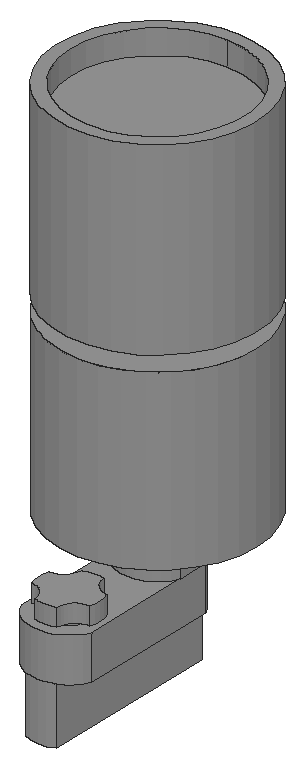
Revit family "Tinka 15W", category Lighting Fixtures, host Face, Revit 2016
Family settings
  Host = Face
  Part Type = Normal
  Round Connector Dimension = Use Diameter
  OmniClass Number = 23.80.70.11.14.21
  OmniClass Title = Spots and Tracklight Specialties
  Cut with Voids When Loaded = No
  Light Source = No
  Shared = No
  Room Calculation Point = No
Parameters (values of type "Tinka 15W, Neutral White, 230V - 53ER997N015E")
  Wattage Comments = "15W"
  Voltage = 230 V
  URL = "www.winled.fi"
  Type Image = Tinka 15W.png
  Product Number = "53ER997N015E"
  Position Number = ""
  Operating Temperature Range = "-20° to +50°C"
  Model = "Tinka 15W"
  Manufacturer = "Winled Oy Ltd"
  Luminaire Track Angle Install [instance] = if(Luminaire Track Angle Input < -160.00°, -160.00°, (if(Luminaire Track Angle Input > 160.00°, 160.00°, Luminaire Track Angle Input)))  # 0.00°
  Luminaire Track Angle Input [instance] = 0.00°
  Luminaire Angle Install [instance] = (if(Luminaire Angle Input < -90.00°, -90.00°, (if(Luminaire Angle Input > 0.00°, 0.00°, Luminaire Angle Input))))  # 0.00°
  Luminaire Angle Input [instance] = 0.00°
  Lumens Output = "1227lm"
  Light source = Tinka light NV : Tinka light NV
  Lifetime L70 = "50000h"
  Last Updated = "2.3.2017"
  Lamp = "LED"
  IP Code = "IP20"
  Housing Material = "Aluminium"
  Driver = "Integrated"
  Directivity = "Yes"
  Dimmable = "Yes"
  Dimensions = "90mm x 238mm"
  Description = "Tracklight, 3-Circuit Track"
  Depth = "-"
  Default Elevation = 1219.2 mm
  Cutout = "-"
  Color Temperature = "4000K"
  Casing Color = "White"
  CRI = "82"
  Beam Angle = "25°"
Types (3, lengths in mm): name | Product Number | Lumens Output | Light source | Color Temperature
  (no name) | "53ER997N015E" | "1227lm" | Tinka light NV : Tinka light NV | "4000K"
  Tinka 15W, Neutral White, 230V - 53ER997N015E | "53ER997N015E" | "1227lm" | Tinka light NV : Tinka light NV | "4000K"
  Tinka 15W, Warm White, 230V - 53ER997L015E | "53ER997L015E" | "1172lm" | Tinka light LV : Tinka light LV | "3000K"
Reference planes
  plane 1 "Center (Front/Back)": y = 0
  plane 2: z = 0
  plane 3 "Center (Left/Right)": x = 0
Lines and regions (mm)
  symbolic lines
    curve 1: circle (0, -0.5, 0) r 45 normal (0, 0, 1)
    curve 2: line (-31.82, -32.32, 0) -> (31.82, 31.32, 0)
    curve 3: line (-31.82, 31.32, 0) -> (31.82, -32.32, 0)
Dimensions and locks
  aligned and locked: plane 2 to host face
  aligned and locked: level to host face
Nested families
  nested 1: "Tinka 15W valaisin" at (0, -25.416, 0), Luminaire Angle <- "Luminaire Angle Install", Luminaire Track Angle <- "Luminaire Track Angle Install", type "Tinka 15W valaisin"
    with k2 45.00°, k 45.00°, Luminaire Track Angle 0.00°, Luminaire Angle 0.00°, Color none
  nested 2: "Tinka light NV" at (-0.002, -0.003, 226.961) x (0, -1, 0) z (0, 0, 1), type <- "Light source", type "Tinka light NV"
Connectors
  electrical at (0, -25.416, 0)
    settings: on nested 1, index 1, voltage 230 V, apparent load 0 VA, apparent load phase1 15 VA, apparent load phase2 0 VA, apparent load phase3 0 VA, power factor 1, load classification "Lighting", number of poles 1, system type 31, power factor state 1, is connector primary yes, connector utility no, sub classification motor no, connector description ""
Definition of nested family "Tinka 15W valaisin"
  Parameters (values of type "Tinka 15W valaisin")
    k2 [instance] = if(Luminaire Angle < -90.00°, -45.00°, (if(Luminaire Angle > 0.00°, 45.00°, Luminaire Angle + 45.00°)))  # 45.00°
    k [instance] = if(Luminaire Track Angle < -160.00°, -115.00°, (if(Luminaire Track Angle > 160.00°, 205.00°, Luminaire Track Angle + 45.00°)))  # 45.00°
    Luminaire Track Angle [instance] = 0.00°
    Luminaire Angle [instance] = 0.00°
    Color [instance] = none
  Reference planes
    plane 1 "Center (Front/Back)": y = 0
    plane 2: z = 0
    plane 3 "Center (Left/Right)": x = 0
    plane 4: z = 157.5
  Forms (mm)
    Extrusion 1, solid, material <- "Color"
      sketch origin (0, 0, 0) x (1, 0, 0) y (0, 1, 0)
        loop
          line (7, -40.992) -> (7, 40.992)
          arc (7, 40.992) -> (0, 42.416) -> (-7, 40.992) r 17.916
          line (-7, 40.992) -> (-7, -40.992)
          arc (-7, -40.992) -> (0, -42.416) -> (7, -40.992) r 17.916
      from 0 to 26
    Extrusion 2, solid, material <- "Color"
      sketch origin (0, 0, 0) x (1, 0, 0) y (0, 1, 0)
        loop
          arc (16, 32.005) -> (0, 42.416) -> (-16, 32.005) r 17.5
          line (-16, 32.005) -> (-16, -32.005)
          arc (-16, -32.005) -> (0, -42.416) -> (16, -32.005) r 17.5
          line (16, -32.005) -> (16, 32.005)
      from 46 to 26
    Extrusion 3, solid, material <- "Color"
      sketch origin (0, 0, 0) x (1, 0, 0) y (0, 1, 0)
        loop
          arc (16, 32.005) -> (0, 42.416) -> (-16, 32.005) r 17.5
          line (-16, 32.005) -> (-16, 17.828)
          arc (-16, 17.828) -> (0, 7.416) -> (16, 17.828) r 17.5
          line (16, 17.828) -> (16, 32.005)
      from 46 to 54
    Extrusion 4, solid, material <- "Color"
      sketch origin (0, 0, 0) x (1, 0, 0) y (0, 1, 0)
        loop
          circle (0, 24.916) r 13
      from 58 to 54
    Extrusion 5, solid, material <- "Color"
      sketch origin (0, 0, 0) x (1, 0, 0) y (0, 1, 0)
        loop
          circle (0, -24.916) r 10
      from 47 to 46
    Extrusion 6, solid, material <- "Color"
      sketch origin (0, 0, 0) x (1, 0, 0) y (0, 1, 0)
        loop
          arc (-13.077, -29.916) -> (-7.366, -32.282) -> (-5, -37.993) r 8.077
          arc (-5, -37.993) -> (0, -38.916) -> (5, -37.993) r 14
          arc (5, -37.993) -> (7.366, -32.282) -> (13.077, -29.916) r 8.077
          arc (13.077, -29.916) -> (14, -24.916) -> (13.077, -19.916) r 14
          arc (13.077, -19.916) -> (7.366, -17.551) -> (5, -11.84) r 8.077
          arc (5, -11.84) -> (0, -10.916) -> (-5, -11.84) r 14
          arc (-5, -11.84) -> (-7.366, -17.551) -> (-13.077, -19.916) r 8.077
          arc (-13.077, -19.916) -> (-14, -24.916) -> (-13.077, -29.916) r 14
      from 55 to 47
    Extrusion 7, solid
      sketch origin (0, 24.916, 0) x (0.707107, 0.707107, 0) y (-0.707107, 0.707107, 0)
        loop
          circle (0, 0) r 17.5
      from 66 to 58
    Extrusion 8, solid
      sketch origin (0, 24.916, 66) x (0.707107, 0.707107, 0) y (-0.707107, 0.707107, 0)
        loop
          circle (0, 0) r 45
      from 80 to 0
    Extrusion 9, solid
      sketch origin (0, 24.916, 66) x (0.707107, 0.707107, 0) y (-0.707107, 0.707107, 0)
        loop
          line (27.931, 34.295) -> (11.95, 18.314) -> (18.314, 11.95) -> (34.295, 27.931) -> (27.931, 34.295)
      from 80 to 117
  Lines and regions (mm)
    reference lines
      curve 1: line (0, 24.916, 0) -> (13, 24.916, 0)
      curve 2: line (0, 24.916, 0) -> (75.904, 100.821, 0)
      curve 3: line (4.5, 57.616, 184.651) -> (4.5, 57.616, 21.757)
      curve 4: line (4.5, 64.616, 177.651) -> (4.5, 57.616, 177.651)
      curve 5: line (4.5, 57.616, 177.651) -> (4.5, 100.043, 220.077)
  Dimensions and locks
    "k": angle curve 1 to curve 2
    "k2": angle curve 4 to curve 5
    aligned and locked: level to plane 2
    aligned and locked: plane 3 "Center (Left/Right)" to curve 1
    aligned and locked: curve 3 to curve 5
  Automatic sketch dimensions
    Extrusion 1 sketch curve to plane 3 "Center (Left/Right)" = 0 mm  (x2)
    Extrusion 1 sketch curve to plane 3 "Center (Left/Right)" = 7 mm
    plane 3 "Center (Left/Right)" to Extrusion 1 sketch curve = 7 mm
    plane 1 "Center (Front/Back)" to Extrusion 1 sketch curve = 40.992 mm
    Extrusion 1 sketch curve to Extrusion 1 sketch curve = 16.492 mm  (x2)
    Extrusion 1 sketch curve to plane 1 "Center (Front/Back)" = 24.5 mm
    Extrusion 2 sketch curve to plane 3 "Center (Left/Right)" = 0 mm  (x2)
    Extrusion 2 sketch curve to plane 3 "Center (Left/Right)" = 16 mm
    plane 3 "Center (Left/Right)" to Extrusion 2 sketch curve = 16 mm
    plane 1 "Center (Front/Back)" to Extrusion 2 sketch curve = 32.005 mm
    Extrusion 2 sketch curve to Extrusion 2 sketch curve = 7.089 mm  (x2)
    Extrusion 2 sketch curve to plane 1 "Center (Front/Back)" = 24.916 mm
    Extrusion 2 sketch curve to Extrusion 2 sketch curve = 0 mm
    Extrusion 3 sketch curve to Extrusion 3 sketch curve = 0 mm  (x3)
    Extrusion 3 sketch curve to plane 3 "Center (Left/Right)" = 0 mm
    Extrusion 3 sketch curve to plane 3 "Center (Left/Right)" = 16 mm
    plane 3 "Center (Left/Right)" to Extrusion 3 sketch curve = 16 mm
    Extrusion 3 sketch curve to plane 1 "Center (Front/Back)" = 17.828 mm
    Extrusion 3 sketch curve to Extrusion 3 sketch curve = 7.089 mm
    Extrusion 3 sketch curve to Extrusion 3 sketch curve = 14.177 mm
    Extrusion 4 sketch curve to plane 3 "Center (Left/Right)" = 0 mm
    Extrusion 4 sketch curve to plane 1 "Center (Front/Back)" = 24.916 mm
    Extrusion 5 sketch curve to plane 3 "Center (Left/Right)" = 0 mm
    plane 1 "Center (Front/Back)" to Extrusion 5 sketch curve = 24.916 mm
    Extrusion 6 sketch curve to Extrusion 6 sketch curve = 0 mm  (x13)
    Extrusion 6 sketch curve to plane 3 "Center (Left/Right)" = 0 mm
    Extrusion 6 sketch curve to plane 3 "Center (Left/Right)" = 13.077 mm  (x2)
    plane 3 "Center (Left/Right)" to Extrusion 6 sketch curve = 13.077 mm  (x2)
    plane 1 "Center (Front/Back)" to Extrusion 6 sketch curve = 37.993 mm
    Extrusion 6 sketch curve to Extrusion 6 sketch curve = 13.077 mm
    plane 1 "Center (Front/Back)" to Extrusion 6 sketch curve = 11.84 mm
    Extrusion 6 sketch curve to plane 3 "Center (Left/Right)" = 5 mm
    Extrusion 7 sketch curve to curve 2 = 0 mm  (x2)
    Extrusion 9 sketch curve to Extrusion 9 sketch curve = 6.364 mm  (x2)
    Extrusion 9 sketch curve to Extrusion 9 sketch curve = 15.981 mm
    curve 3 to curve 3 = 162.894 mm
    curve 2 to plane 1 "Center (Front/Back)" = 24.916 mm
    curve 3 to curve 5 = 7 mm
    radius of Extrusion 4 sketch curve = 13 mm
    radius of Extrusion 5 sketch curve = 10 mm
    radius of Extrusion 7 sketch curve = 17.5 mm
    radius of Extrusion 7 to Extrusion 8 sketch curve = 27.5 mm
  Nested families
    nested 1: "Family2" at (4.5, 69.916, 152.961) x (0, 0, 1) z (1, 0, 0), type "Family2"
  Definition of nested family "Family2"
    Parameters (values of type "Family2")
      Default Elevation = 1219.2 mm
    Reference planes
      plane 1 "Center (Front/Back)": y = 0
      plane 2: z = 0
      plane 3 "Center (Left/Right)": x = 0
    Forms (mm)
      Extrusion 1, solid
        sketch origin (0, 0, 0) x (1, 0, 0) y (0, 1, 0)
          loop
            line (-1219.2, 1219.2) -> (-1219.2, -1219.2) -> (1219.2, -1219.2) -> (1219.2, 1219.2) -> (-1219.2, 1219.2)
        from 0 to -304.8
      Extrusion 2, solid
        sketch origin (0, 0, 2.5) x (0, 1, 0) y (0, 0, 1)
          loop
            line (0.548, 0) -> (23.6, 0) -> (23.6, -14) -> (0.548, -14)
            arc (0.548, -14) -> (90, -7) -> (0.548, 0) r 45
        from 0 to 85
      Extrusion 3, solid
        sketch origin (0, 0, 0) x (0, 1, 0) y (0, 0, 1)
          loop
            line (24.601, -11.5) -> (24.601, 2.5) -> (0.687, 2.5) -> (0.687, 0) -> (23.6, 0) -> (23.6, -4.5) -> (23.6, -9) -> (0.687, -9) -> (0.687, -11.5) -> (24.601, -11.5)
        from 0 to 37
      Extrusion 4, solid
        sketch origin (0, 0, 0) x (0, 1, 0) y (0, 0, 1)
          loop
            line (24.601, 2.5) -> (0.548, 2.5)
            arc (0.548, 2.5) -> (0, -4.5) -> (0.548, -11.5) r 45
            line (0.548, -11.5) -> (24.601, -11.5) -> (24.601, 2.5)
        from 37 to 85
      Extrusion 5, void
        sketch origin (0, 0, 0) x (0, 1, 0) y (0, 0, 1)
          loop
            circle (45, -4.5) r 39.3
        from 74 to 85
    Cuts and joins
      Extrusion 5 cuts Extrusion 2
      Extrusion 5 cuts Extrusion 4
      joined: Extrusion 2, Extrusion 4
    Dimensions and locks
      aligned and locked: plane 2 to Extrusion 1
      aligned and locked: level to Extrusion 1
Definition of nested family "Tinka light NV"
  Parameters (values of type "Tinka light NV")
    Wattage Comments = "7W"
    Wattage = 15 W
    built-in parameter 1150110 = 1 (stored number, unit not read)
    built-in parameter 1114217 = 1 (stored number, unit not read)
    Tilt Angle = -90.00°
    built-in parameter 1150109 = 1 (stored number, unit not read)
    built-in parameter 1150134 = 12
    built-in parameter 1150113 = 1 (stored number, unit not read)
    Photometric Web File = "Tinka 15W NV.ies"
    built-in parameter 1150105 = 5690.4 (stored number, unit not read)
    Lumens = 1227 lm
    built-in parameter 1150115 = 1 (stored number, unit not read)
    built-in parameter 1150137 = (empty or 0)
    built-in parameter 1150139 = (empty or 0)
    built-in parameter 1150112 = 1 (stored number, unit not read)
    built-in parameter 1150114 = 1 (stored number, unit not read)
    Lamp = "LED"
    built-in parameter 1150132 = (empty or 0)
    built-in parameter 1150102 = (empty or 0)
    built-in parameter 1150107 = 4000 (stored number, unit not read)
    built-in parameter 1150138 = (empty or 0)
    built-in parameter 1150106 = 56.904 (stored number, unit not read)
    built-in parameter 1150104 = 7.5995 (stored number, unit not read)
    Dimming Lamp Color Temperature Shift = (empty or 0)
    Default Elevation = 1219.2 mm
    Color Filter = 16777215
    built-in parameter 1114218 = 1 (stored number, unit not read)
    built-in parameter 1150133 = 10 (stored number, unit not read)
  Reference planes
    plane 1 "Center (Front/Back)": y = 0
    plane 2: z = 0
    plane 3 "Center (Left/Right)": x = 0
  Forms (mm)
    Extrusion 1, solid
      sketch origin (0, 0, 0) x (1, 0, 0) y (0, 1, 0)
        loop
          line (-1219.2, 1219.2) -> (-1219.2, -1219.2) -> (1219.2, -1219.2) -> (1219.2, 1219.2) -> (-1219.2, 1219.2)
      from 0 to -304.8
  Dimensions and locks
    aligned and locked: plane 2 to Extrusion 1
    aligned and locked: level to Extrusion 1
